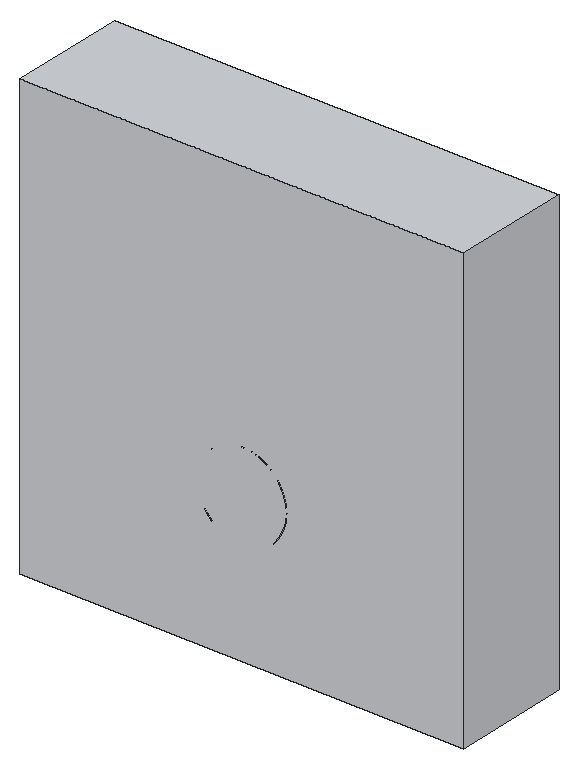
Revit family "e6a9870adb434d02b3c1a6f510765503", category Plumbing Fixtures, host Face, Revit 2021
Family settings
  Host = Face
  Round Connector Dimension = Use Radius
  Part Type = Normal
  OmniClass Number = 23.45.05.14.14
  OmniClass Title = Sinks/Lavatories
  Seek Item ID = Lavatory - Rectangular-0000-USA-ENU
  Cut with Voids When Loaded = No
  Shared = No
  Room Calculation Point = No
Parameters (values of type "15"x15" - Public")
  Sanitary Radius = 5/8"
  Sanitary Diameter = Sanitary Radius * 2  # 1 1/4"
  WFU = 1
  Sink Width = 0' - 11"
  Sink Material = none
  Sink Length = 0' - 10"
  Lavatory Length = 1' - 3"
  Lavatory Width = 1' - 3"
  Hot Water Radius = 1/2"
  Hot Water Diameter = Hot Water Radius * 2  # 1"
  Half Sink Width = Sink Width / 2  # 0' - 5 1/2"
  Half Lavatory Width = Lavatory Width / 2  # 0' - 7 1/2"
  HWFU = 1.5
  Flow Pressure [instance] = 8.00 psi
  Faucet Material = none
  Default Elevation = 2' - 10"
  Cold Water Radius = 1/2"
  Cold Water Diameter = Cold Water Radius * 2  # 1"
  CWFU = 1.5
Types (5): name | Sink Width | Sink Length | Lavatory Length | Lavatory Width | Half Sink Width | Half Lavatory Width | HWFU | CWFU
  (no name) | 0' - 11" | 0' - 10" | 1' - 3" | 1' - 3" | 0' - 5 1/2" | 0' - 7 1/2" | 1.5 | 1.5
  15"x15" - Private | 0' - 11" | 0' - 10" | 1' - 3" | 1' - 3" | 0' - 5 1/2" | 0' - 7 1/2" | 0.5 | 0.5
  22"x22" - Private | 1' - 3" | 1' - 0" | 1' - 10" | 1' - 10" | 0' - 7 1/2" | 0' - 11" | 0.5 | 0.5
  15"x15" - Public | 0' - 11" | 0' - 10" | 1' - 3" | 1' - 3" | 0' - 5 1/2" | 0' - 7 1/2" | 1.5 | 1.5
  22"x22" - Public | 1' - 3" | 1' - 0" | 1' - 10" | 1' - 10" | 0' - 7 1/2" | 0' - 11" | 1.5 | 1.5
Reference planes (in)
  plane 1 "Center (Front/Back)": y = 0
  plane 2: z = 0
  plane 3 "Center (Left/Right)": x = 0
  plane 4: x = 7.5
  plane 5: x = -7.5
  plane 6: z = 15
  plane 7: z = 3
  plane 8: y = -4
  plane 9: y = -3
  plane 10: z = 2.5
  plane 11: z = 0.5
  plane 12: x = 3
  plane 13: x = -3
  plane 14: y = 1
  plane 15: y = 2.5
  plane 16: x = 2
  plane 17: x = -2
  plane 18: z = 1.5
  plane 19: x = -0.5
  plane 20: x = 0.5
  plane 21: z = 13
  plane 22: x = 5.5
  plane 23: x = -5.5
  plane 24: z = 12
  plane 25: x = 4.5
  plane 26: x = -4.5
  plane 27: z = 5
  plane 28: y = -2
  plane 29: x = -4
  plane 30: x = 4
Forms (in)
  Extrusion 1, solid, material <- "Sink Material"
    sketch origin (0, 0, 0) x (1, 0, 0) y (0, 0, 1)
      loop
        line (7.5, 15) -> (-7.5, 15) -> (-7.5, 0) -> (7.5, 0) -> (7.5, 15)
    from 0 to 4
  Extrusion 2, solid, material <- "Faucet Material", detail levels fine
    sketch origin (0, 0, 0) x (1, 0, 0) y (0, 0, 1)
      loop
        line (3, 2.5) -> (-3, 2.5) -> (-3, 0.5) -> (3, 0.5) -> (3, 2.5)
    from -1 to 0
  Extrusion 3, solid, material <- "Faucet Material", detail levels fine
    sketch origin (0, 0, 0) x (1, 0, 0) y (0, 0, 1)
      loop
        circle (2, 1.5) r 0.75
      loop
        circle (-2, 1.5) r 0.75
    from -2.5 to -1
  Extrusion 4, solid, material <- "Faucet Material", detail levels fine
    sketch origin (0, 0, 0) x (0, 1, 0) y (0, 0, 1)
      loop
        line (0, 2.5) -> (1, 2.5) -> (3, 5.9641) -> (2, 5.9641) -> (0, 2.5)
    from -0.5 to 0.5
  Blend 5, void
    base sketch origin (0, 0, 0) x (1, 0, 0) y (0, 0, 1)
      loop
        line (5.5, 13) -> (-5.5, 13) -> (-5.5, 3) -> (5.5, 3) -> (5.5, 13)
    top sketch origin (0, 0, 0) x (1, 0, 0) y (0, 0, 1)
      loop
        line (4.5, 12) -> (-4.5, 12) -> (-4.5, 3) -> (4.5, 3) -> (4.5, 12)
    from 0 to 3
  Extrusion 6, solid, material <- "Sink Material"
    sketch origin (0, 0, 0) x (1, 0, 0) y (0, 1, 0)
      loop
        circle (-4, -2) r 1
      loop
        circle (4, -2) r 1
    from 0 to 0.5
  Extrusion 7, solid, material <- "Sink Material"
    sketch origin (0, 0, 0) x (1, 0, 0) y (0, 0, 1)
      loop
        circle (0, 5) r 1.5
    from 3 to 4
Cuts and joins
  joined: Extrusion 2, Extrusion 3, Extrusion 4
  Blend 5 cuts Extrusion 1
  joined: Extrusion 1, Extrusion 6
Lines and regions (in)
  reference lines
    curve 1: line (0, 0, 2.5) -> (0, 2, 5.9641)
Dimensions and locks (in)
  "Lavatory Width": plane 5 to plane 4
  "Half Lavatory Width": plane 3 "Center (Left/Right)" to plane 4
  "Lavatory Length": plane 6 to plane 2
  locked: level to plane 7 at 3
  locked: plane 8 to plane 1 "Center (Front/Back)" at 4
  locked: plane 9 to plane 1 "Center (Front/Back)" at 3
  locked: plane 2 to plane 10 at 2.5
  locked: plane 11 to plane 10 at 2
  locked: plane 3 "Center (Left/Right)" to plane 12 at 3
  locked: plane 13 to plane 3 "Center (Left/Right)" at 3
  locked: plane 14 to plane 1 "Center (Front/Back)" at 1
  locked: plane 15 to plane 1 "Center (Front/Back)" at 2.5
  equal spacing: plane 11, plane 18, plane 10
  locked: plane 3 "Center (Left/Right)" to plane 16 at 2
  locked: plane 17 to plane 3 "Center (Left/Right)" at 2
  locked: plane 19 to plane 3 "Center (Left/Right)" at 0.5
  locked: plane 3 "Center (Left/Right)" to plane 20 at 0.5
  "Sink Length": plane 7 to plane 21
  "Half Sink Width": plane 3 "Center (Left/Right)" to plane 22
  "Sink Width": plane 23 to plane 22
  locked: plane 24 to plane 21 at 1
  locked: plane 25 to plane 22 at 1
  locked: plane 23 to plane 26 at 1
  locked: plane 2 to plane 27 at 5
  equal spacing: plane 8, plane 28, plane 1 "Center (Front/Back)"
  locked: plane 29 to plane 3 "Center (Left/Right)" at 4
  locked: plane 3 "Center (Left/Right)" to plane 30 at 4
  locked: curve 1 to curve 1 at 4
  radius of Extrusion 7 sketch curve = 0' - 1 1/2"
  locked: plane 1 "Center (Front/Back)" to curve 1 (angle 30.00°)
  aligned and locked: plane 2 to host face
  aligned and locked: level to host face
  aligned and locked: Extrusion 1 to plane 1 "Center (Front/Back)"
  aligned and locked: Extrusion 1 to plane 8
  aligned and locked: plane 5 to Extrusion 1
  aligned and locked: Extrusion 1 to plane 4
  aligned and locked: plane 6 to Extrusion 1
  aligned and locked: Extrusion 1 to plane 2
  aligned and locked: plane 10 to Extrusion 2
  aligned and locked: Extrusion 2 to plane 11
  aligned and locked: plane 13 to Extrusion 2
  aligned and locked: Extrusion 2 to plane 12
  aligned and locked: plane 14 to Extrusion 2
  aligned and locked: plane 1 "Center (Front/Back)" to Extrusion 2
  aligned and locked: plane 18 to Extrusion 3 sketch curve  (x2)
  aligned and locked: plane 17 to Extrusion 3 sketch curve
  aligned and locked: plane 16 to Extrusion 3 sketch curve
  aligned and locked: plane 15 to Extrusion 3
  aligned and locked: Extrusion 3 to plane 14
  aligned and locked: Extrusion 4 to plane 19
  aligned and locked: plane 20 to Extrusion 4
  aligned and locked: Blend 5 to plane 9
  aligned and locked: plane 1 "Center (Front/Back)" to cut or joined group of Extrusion 1, Blend 5, Extrusion 6
  aligned and locked: cut or joined group of Extrusion 1, Blend 5, Extrusion 6 to plane 23
  aligned and locked: plane 22 to cut or joined group of Extrusion 1, Blend 5, Extrusion 6
  aligned and locked: cut or joined group of Extrusion 1, Blend 5, Extrusion 6 to plane 21
  aligned and locked: cut or joined group of Extrusion 1, Blend 5, Extrusion 6 to plane 7  (x2)
  aligned and locked: plane 26 to cut or joined group of Extrusion 1, Blend 5, Extrusion 6
  aligned and locked: cut or joined group of Extrusion 1, Blend 5, Extrusion 6 to plane 25
  aligned and locked: plane 24 to cut or joined group of Extrusion 1, Blend 5, Extrusion 6
  aligned and locked: cut or joined group of Extrusion 1, Blend 5, Extrusion 6 to plane 4
  aligned and locked: plane 6 to cut or joined group of Extrusion 1, Blend 5, Extrusion 6
  aligned and locked: plane 5 to cut or joined group of Extrusion 1, Blend 5, Extrusion 6
  aligned and locked: cut or joined group of Extrusion 1, Blend 5, Extrusion 6 to plane 2
  aligned and locked: Extrusion 6 to plane 2
  aligned and locked: plane 11 to Extrusion 6
  aligned and locked: plane 3 "Center (Left/Right)" to Extrusion 7 sketch curve
  aligned and locked: plane 27 to Extrusion 7 sketch curve
  aligned and locked: Extrusion 7 to plane 8
  aligned and locked: plane 9 to Extrusion 7
Automatic sketch dimensions
  Extrusion 1 sketch curve to plane 5 = 0' - 0"
  Extrusion 1 sketch curve to level = 0' - 0"
  Extrusion 1 sketch curve to plane 4 = 0' - 0"
  Extrusion 1 sketch curve to plane 6 = 0' - 0"
  Extrusion 2 sketch curve to plane 10 = 0' - 0"
  Extrusion 2 sketch curve to plane 13 = 0' - 0"
  Extrusion 2 sketch curve to plane 11 = 0' - 0"
  Extrusion 2 sketch curve to plane 12 = 0' - 0"
  curve 1 to plane 1 "Center (Front/Back)" = 0' - 0"
  curve 1 to plane 10 = 0' - 0"
  Extrusion 4 sketch curve to plane 1 "Center (Front/Back)" = 0' - 0"
  Extrusion 4 sketch curve to plane 14 = 0' - 0"
  Extrusion 4 sketch curve to plane 10 = 0' - 0"
  Extrusion 4 sketch curve to plane 15 = 0' - 0 1/2"
  plane 15 to Extrusion 4 sketch curve = 0' - 0 1/2"
  plane 7 to Extrusion 4 sketch curve = 0' - 2.9641"
  Blend 5 sketch curve to plane 21 = 0' - 0"
  Blend 5 sketch curve to plane 23 = 0' - 0"
  Blend 5 sketch curve to plane 7 = 0' - 0"  (x2)
  Blend 5 sketch curve to plane 22 = 0' - 0"
  Blend 5 sketch curve to plane 24 = 0' - 0"
  Blend 5 sketch curve to plane 26 = 0' - 0"
  Blend 5 sketch curve to plane 25 = 0' - 0"
  Extrusion 6 sketch curve to plane 28 = 0' - 0"  (x2)
  Extrusion 6 sketch curve to plane 29 = 0' - 0"
  Extrusion 6 sketch curve to plane 30 = 0' - 0"
  host sketch curve to host sketch curve = 3' - 6.6357"
  host sketch curve to host sketch curve = 8' - 0"
  radius of Extrusion 3 sketch curve = 0' - 0 3/4"  (x2)
  radius of Extrusion 6 sketch curve = 0' - 1"  (x2)
Connectors (in)
  piping at (4, -2, 0), diameter 1, driven by "Cold Water Radius", driven by "CWFU", driven by "Flow Pressure"
    settings: on Extrusion 6, index 1, connector inside diameter 1", connector length 0' - 0", flow factor 0, pipe flow 0 GPM, pressure drop 8.00 psi, fitting loss kfactor 0, connector angle 0.00°, fixture units 1.5, engagement length 0' - 0", angle of deflection 0.00°, flow configuration 3, flow direction 1, fitting loss method 4, system type 20, joint type 0, gender type 0, connector reference index -1, connector utility 0, adjustable connector no, is connector primary yes, connector description "In"
  piping at (-4, -2, 0), diameter 1, driven by "Hot Water Radius", driven by "Flow Pressure", driven by "HWFU"
    settings: on Extrusion 6, index 2, connector inside diameter 1", connector length 0' - 0", flow factor 0, pipe flow 0 GPM, pressure drop 8.00 psi, fitting loss kfactor 0, connector angle 0.00°, fixture units 1.5, engagement length 0' - 0", angle of deflection 0.00°, flow configuration 3, flow direction 1, fitting loss method 4, system type 19, joint type 0, gender type 0, connector reference index -1, connector utility 0, adjustable connector no, is connector primary no, connector description "In"
  piping at (0, -4, 5), diameter 1.25, driven by "WFU", driven by "Sanitary Radius"
    settings: on Extrusion 7, index 3, connector inside diameter 1 1/4", connector length 0' - 0", flow factor 0, pipe flow 0 GPM, pressure drop 0.00 psi, fitting loss kfactor 0, connector angle 0.00°, fixture units 1, engagement length 0' - 0", angle of deflection 0.00°, flow configuration 3, flow direction 2, fitting loss method 0, system type 16, joint type 0, gender type 0, connector reference index -1, connector utility 0, adjustable connector no, is connector primary no, connector description "Out"
